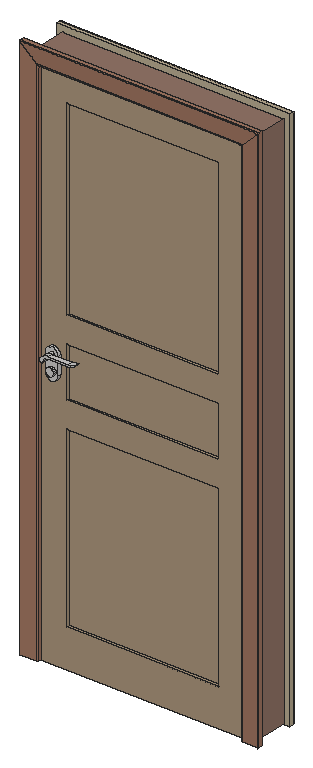
Revit family "Abrir - 1 Folha_Painel com caixilho", category Portas, Revit 2015
Parameters (values of type "80x210")
  Tipo de construção = "residêncial"
  Máscara da folha visível [instance] = no
  Moldura interna da porta [instance] = Teca
  Moldura externa da porta [instance] = Pinho de Óregon
  Moldura da porta = Tábua de fibra orientada
  Maçaneta da porta = Painel de metal
  Marco = Amendoeira
  Largura dos caixilhos = 10 cm
  Largura do caixilho inferior = 15 cm
  Largura bruta = Largura + (Espessura do Marco * 2)  # 87 cm
  Função = Interior
  Projeção da moldura externa = 2 cm
  Projeção da moldura interna = 2 cm
  Largura da moldura = 7 cm
  Folha da porta = Tábua de fibra orientada
  Espessura do Marco = 3.5 cm
  Espessura da folha interno = 1 cm
  Espessura = 3.5 cm
  Distância da maçaneta = 5 cm
  Autor = "Marco Rocha"
  Altura bruta = Altura + Espessura do Marco  # 213.5 cm
  Altura = 210 cm
  Fechamento da parede = Por hospedeiro
  Largura = 80 cm
Types (6, lengths in cm): name | Largura bruta | Espessura | Largura
  (no name) | 87 | 3.5 | 80
  60x210 | 67 | 3.5 | 60
  70x210 | 77 | 3.5 | 70
  80x210 | 87 | 3.5 | 80
  90x210 | 97 | 3.5 | 90
  100x210 | 107 | 4 | 100
Reference planes (cm)
  plane 1: y = 0
  plane 2 "Centro (Esquerda/Direita)": x = 0
  plane 3 "Esquerda": x = -40
  plane 4 "Direita": x = 40
  plane 5: z = 210
  plane 6 "Exterior": y = 7.5
  plane 7 "Interior": y = -7.5
  plane 8: x = -43.5
  plane 9: x = 43.5
  plane 10: z = 213.5
  plane 11: y = -4
  plane 12: x = 39
  plane 13: x = 36.5
  plane 14: y = -87.5
  plane 15: y = -82.5
  plane 16: y = -80
  plane 17: y = -82.5
Forms (cm)
  Extrusion 1, solid, material "Tábua de fibra orientada" <- "Moldura da porta", detail levels medium
    sketch origin (0, 7.5, 0) x (1, 0, 0) y (0, 0, 1)
      loop
        line (40, 210) -> (40, 0) -> (47, 0) -> (47, 217) -> (-47, 217) -> (-47, 0) -> (-40, 0) -> (-40, 210) -> (40, 210)
    from -2 to 0
  Extrusion 2, solid, material "Tábua de fibra orientada" <- "Moldura da porta", detail levels medium
    sketch origin (0, -7.5, 0) x (1, 0, 0) y (0, 0, -1)
      loop
        line (40, -210) -> (-40, -210) -> (-40, 0) -> (-47, 0) -> (-47, -217) -> (47, -217) -> (47, 0) -> (40, 0) -> (40, -210)
    from -2 to 0
  Sweep 3, solid, material "Amendoeira" <- "Marco", detail levels coarse+medium
    path in 3D
      loop
        line (43.5, 7.5, 0) -> (43.5, 7.5, 213.5) -> (-43.5, 7.5, 213.5) -> (-43.5, 7.5, 0)
    profile origin (43.5, 7.5, 106.75) x (0, 1, 0) y (-1, 0, 0)
      loop
        line (-15, 3.5) -> (-15, 0) -> (0, 0) -> (0, 3.5) -> (-15, 3.5)
  Sweep 4, solid, material "Amendoeira" <- "Marco", detail levels fine
    path in 3D
      loop
        line (43.5, 7.5, 0) -> (43.5, 7.5, 213.5) -> (-43.5, 7.5, 213.5) -> (-43.5, 7.5, 0)
    profile origin (43.5, 7.5, 106.75) x (0, 1, 0) y (-1, 0, 0)
      loop
        line (0, 0) -> (0, 4.5) -> (-11.5, 4.5) -> (-11.5, 3.5) -> (-15, 3.5) -> (-15, 0) -> (0, 0)
  Sweep 5, solid, material "Teca" <- "Moldura interna da porta", detail levels fine
    path in 3D
      loop
        line (40, -7.5, 0) -> (40, -7.5, 210) -> (-40, -7.5, 210) -> (-40, -7.5, 0)
    profile "Perfil Alisar : 7 x 2 cm" origin (-40, -7.5, 105) x (0, 1, 0) y (1, 0, 0)
      loop
        line (0, 0) -> (-1, 0)
        arc (-1, 0) -> (-1.3536, -0.1464) -> (-1.5, -0.5) r 0.5
        line (-1.5, -0.5) -> (-1.9793, -6.7308)
        arc (-1.9793, -6.7308) -> (-1.9135, -6.9199) -> (-1.73, -7) r 0.25
        line (-1.73, -7) -> (0, -7) -> (0, 0)
  Sweep 6, solid, material "Pinho de Óregon" <- "Moldura externa da porta", detail levels fine
    path in 3D
      loop
        line (39, 7.5, 0) -> (39, 7.5, 209) -> (-39, 7.5, 209) -> (-39, 7.5, 0)
    profile "Perfil Alisar : 7 x 2 cm" origin (39, 7.5, 104.5) x (0, 1, 0) y (-1, 0, 0)
      loop
        line (0, 0) -> (0, -7) -> (1.73, -7)
        arc (1.73, -7) -> (1.9135, -6.9199) -> (1.9793, -6.7308) r 0.25
        line (1.9793, -6.7308) -> (1.5, -0.5)
        arc (1.5, -0.5) -> (1.3536, -0.1464) -> (1, 0) r 0.5
        line (1, 0) -> (0, 0)
Lines and regions (cm)
  Opening 1
    outline origin (-305, -7.5, 0) x (1, 0, 0) y (0, 0, 1)
      loop
        line (348.5, 213.5) -> (261.5, 213.5) -> (261.5, 0) -> (348.5, 0) -> (348.5, 213.5)
  Masking region 1, visible <- "Máscara da folha visível"
    outline origin (0, 0, 0) x (1, 0, 0) y (0, 1, 0)
      loop
        line (36.5, -7.5) -> (36.5, -87.5) -> (40, -87.5) -> (40, -7.5) -> (36.5, -7.5)
  Masking region 2, visible <- "Máscara da folha visível", detail levels fine
    outline origin (-5, -2.5, 0) x (0, -1, 0) y (1, 0, 0)
      loop
        line (82.5, 45) -> (82.5, 46) -> (81.5, 46) -> (81.5, 47) -> (80.8, 47) -> (80.8, 51) -> (67, 51) -> (67, 49) -> (79.2, 49) -> (79.2, 47) -> (78.5, 47) -> (78.5, 46) -> (77.5, 46) -> (77.5, 45) -> (82.5, 45)
  Masking region 3, visible <- "Máscara da folha visível", not visible, detail levels fine
    outline origin (0, 0, 0) x (0, -1, 0) y (1, 0, 0)
      loop
        line (82.5, 45) -> (82.5, 46) -> (81.5, 46) -> (81.5, 47) -> (80.8, 47) -> (80.8, 51) -> (67, 51) -> (67, 49) -> (79.2, 49) -> (79.2, 47) -> (78.5, 47) -> (78.5, 46) -> (77.5, 46) -> (77.5, 45) -> (82.5, 45)
  Masking region 4, visible <- "Máscara da folha visível", detail levels fine
    outline origin (81.5, -2.5, 0) x (0, 1, 0) y (-1, 0, 0)
      loop
        line (-82.5, 45) -> (-77.5, 45) -> (-77.5, 46) -> (-78.5, 46) -> (-78.5, 47) -> (-79.2, 47) -> (-79.2, 49) -> (-67, 49) -> (-67, 51) -> (-80.8, 51) -> (-80.8, 47) -> (-81.5, 47) -> (-81.5, 46) -> (-82.5, 46) -> (-82.5, 45)
  Masking region 5, detail levels coarse
    outline origin (0, 0, 0) x (1, 0, 0) y (0, 1, 0)
      loop
        line (-43.5, 7.5) -> (-43.5, -7.5) -> (-40, -7.5) -> (-40, 7.5) -> (-43.5, 7.5)
      loop
        line (40, 7.5) -> (40, -7.5) -> (43.5, -7.5) -> (43.5, 7.5) -> (40, 7.5)
  Masking region 6, detail levels coarse
    outline origin (0, 0, 0) x (0, 1, 0) y (0, 0, 1)
      loop
        line (7.5, 213.5) -> (-7.5, 213.5) -> (-7.5, 210) -> (7.5, 210) -> (7.5, 213.5)
  Masking region 7, detail levels coarse
    outline origin (0, 0, 0) x (0, 1, 0) y (0, 0, 1)
      loop
        line (-4, 210) -> (-7.5, 210) -> (-7.5, 0) -> (-4, 0) -> (-4, 210)
  Masking region 8, detail levels medium
    outline origin (0, 0, 0) x (0, 1, 0) y (0, 0, 1)
      loop
        line (-4, 210) -> (-7.5, 210) -> (-7.5, 200) -> (-4, 200) -> (-4, 210)
      loop
        line (-4, 125) -> (-7.5, 125) -> (-7.5, 115) -> (-4, 115) -> (-4, 125)
      loop
        line (-4, 95) -> (-7.5, 95) -> (-7.5, 85) -> (-4, 85) -> (-4, 95)
      loop
        line (-4, 15) -> (-7.5, 15) -> (-7.5, 0) -> (-4, 0) -> (-4, 15)
  Masking region 9, detail levels medium
    outline origin (0, 0, 0) x (0, 1, 0) y (0, 0, 1)
      loop
        line (-5.25, 200) -> (-6.25, 200) -> (-6.25, 125) -> (-5.25, 125) -> (-5.25, 200)
      loop
        line (-5.25, 115) -> (-6.25, 115) -> (-6.25, 95) -> (-5.25, 95) -> (-5.25, 115)
      loop
        line (-5.25, 85) -> (-6.25, 85) -> (-6.25, 15) -> (-5.25, 15) -> (-5.25, 85)
  symbolic lines, style "Giro da elevação"
    curve 1: line (40, -7.5, 105) -> (-40, -7.5, 210)
    curve 2: line (40, -7.5, 105) -> (-40, -7.5, 0)
  symbolic lines, style "Doors"
    curve 3: line (36.5, -7.5, 0) -> (36.5, -87.5, 0)
    curve 4: line (40, -87.5, 0) -> (40, -7.5, 0)
    curve 5: line (36.5, -87.5, 0) -> (40, -87.5, 0)
    curve 6: line (40, -7.5, 0) -> (36.5, -7.5, 0)
  symbolic lines, style "Puxador", detail levels fine
    curve 7: line (40, -85, 0) -> (40, -80, 0)
    curve 8: line (40, -80, 0) -> (41, -80, 0)
    curve 9: line (41, -80, 0) -> (41, -85, 0)
    curve 10: line (41, -85, 0) -> (40, -85, 0)
    curve 11: line (41, -81, 0) -> (42, -81, 0)
    curve 12: line (42, -81, 0) -> (42, -84, 0)
    curve 13: line (42, -84, 0) -> (41, -84, 0)
    curve 14: line (42, -83.3, 0) -> (46, -83.3, 0)
    curve 15: line (46, -83.3, 0) -> (46, -69.5, 0)
    curve 16: line (46, -69.5, 0) -> (44, -69.5, 0)
    curve 17: line (44, -69.5, 0) -> (44, -81.7, 0)
    curve 18: line (44, -81.7, 0) -> (42, -81.7, 0)
    curve 31: line (36.5, -85, 0) -> (36.5, -80, 0)
    curve 32: line (36.5, -80, 0) -> (35.5, -80, 0)
    curve 33: line (35.5, -80, 0) -> (35.5, -85, 0)
    curve 34: line (35.5, -85, 0) -> (36.5, -85, 0)
    curve 35: line (35.5, -81, 0) -> (34.5, -81, 0)
    curve 36: line (34.5, -81, 0) -> (34.5, -84, 0)
    curve 37: line (34.5, -84, 0) -> (35.5, -84, 0)
    curve 38: line (34.5, -83.3, 0) -> (30.5, -83.3, 0)
    curve 39: line (30.5, -83.3, 0) -> (30.5, -69.5, 0)
    curve 40: line (30.5, -69.5, 0) -> (32.5, -69.5, 0)
    curve 41: line (32.5, -69.5, 0) -> (32.5, -81.7, 0)
    curve 42: line (32.5, -81.7, 0) -> (34.5, -81.7, 0)
  symbolic lines, style "Puxador", not visible, detail levels fine
    curve 19: line (45, -82.5, 0) -> (45, -77.5, 0)
    curve 20: line (45, -77.5, 0) -> (46, -77.5, 0)
    curve 21: line (46, -77.5, 0) -> (46, -82.5, 0)
    curve 22: line (46, -82.5, 0) -> (45, -82.5, 0)
    curve 23: line (46, -78.5, 0) -> (47, -78.5, 0)
    curve 24: line (47, -78.5, 0) -> (47, -81.5, 0)
    curve 25: line (47, -81.5, 0) -> (46, -81.5, 0)
    curve 26: line (47, -80.8, 0) -> (51, -80.8, 0)
    curve 27: line (51, -80.8, 0) -> (51, -67, 0)
    curve 28: line (51, -67, 0) -> (49, -67, 0)
    curve 29: line (49, -67, 0) -> (49, -79.2, 0)
    curve 30: line (49, -79.2, 0) -> (47, -79.2, 0)
  sketch lines
    curve 43: line (43.5, 7.5, 0) -> (43.5, 7.5, 213.5)
    curve 44: line (43.5, 7.5, 213.5) -> (-43.5, 7.5, 213.5)
    curve 45: line (-43.5, 7.5, 213.5) -> (-43.5, 7.5, 0)
    curve 47: line (43.5, 7.5, 0) -> (43.5, 7.5, 213.5)
    curve 48: line (43.5, 7.5, 213.5) -> (-43.5, 7.5, 213.5)
    curve 49: line (-43.5, 7.5, 213.5) -> (-43.5, 7.5, 0)
    curve 50: line (-40, -7.5, 210) -> (-40, -7.5, 0)
    curve 51: line (40, -7.5, 210) -> (-40, -7.5, 210)
    curve 52: line (40, -7.5, 0) -> (40, -7.5, 210)
    curve 53: line (39, 7.5, 0) -> (39, 7.5, 209)
    curve 54: line (39, 7.5, 209) -> (-39, 7.5, 209)
    curve 55: line (-39, 7.5, 209) -> (-39, 7.5, 0)
  symbolic lines, style "Giro da planta"
    curve 46: arc (40, -87.5, 0) -> (-16.5685, -64.0685, 0) -> (-40, -7.5, 0) r 80
  symbolic lines, style "DoorsPanelProjection", detail levels medium
    curve 56: line (0, -4, 200) -> (0, -4, 15)
    curve 57: line (0, -7.5, 200) -> (0, -7.5, 15)
Text (cm)
  text "Exterior" at (-229.5016, 109.9543, 0), in view "Nível de referência"
  text "Exterior" at (0, 161.538, 369.8081), in view "Esquerda"
  text "Exterior" at (0, 103.6032, 387.4932), in view "Direita"
Dimensions and locks (cm)
  equal spacing: plane 3 "Esquerda", plane 2 "Centro (Esquerda/Direita)", plane 4 "Direita"
  "Largura": plane 3 "Esquerda" to plane 4 "Direita"
  "Altura": plane 5 to host wall
  equal spacing: host wall, curve 2, plane 5
  host wall to plane 10 = 213.5 cm
  locked: plane 6 "Exterior" to host wall at 0
  locked: plane 7 "Interior" to host wall
  "Espessura do Marco": plane 8 to plane 3 "Esquerda"
  "Espessura do Marco": plane 4 "Direita" to plane 9
  "Espessura do Marco": plane 10 to plane 5
  "Espessura": plane 7 "Interior" to plane 11
  locked: plane 12 to plane 4 "Direita" at 1
  "Espessura": plane 13 to plane 4 "Direita"
  "Largura": plane 14 to plane 7 "Interior"
  "Largura da moldura": Extrusion 1 sketch curve to Extrusion 1 sketch curve  (x3)
  "Projeção da moldura externa": plane 6 "Exterior" to Extrusion 1
  "Largura da moldura": Extrusion 2 sketch curve to Extrusion 2 sketch curve  (x3)
  "Projeção da moldura interna": Extrusion 2 to plane 7 "Interior"
  "Distância da maçaneta": plane 3 "Esquerda" to nested 1
  "Distância da maçaneta": plane 15 to plane 14
  "Distância da maçaneta": plane 17 to plane 14
  aligned and locked: plane 5 to curve 1
  aligned and locked: plane 3 "Esquerda" to curve 2
  aligned and locked: plane 1 to host wall
  aligned and locked: plane 3 "Esquerda" to curve 1
  aligned and locked: curve 3 to plane 13
  aligned and locked: curve 4 to plane 4 "Direita"
  aligned and locked: curve 5 to plane 14
  aligned and locked: curve 6 to plane 7 "Interior"
  aligned and locked: Masking region 1 sketch curve to curve 6
  aligned and locked: Masking region 1 sketch curve to curve 3
  aligned and locked: Masking region 1 sketch curve to curve 5
  aligned and locked: Masking region 1 sketch curve to curve 4
  aligned and locked: plane 4 "Direita" to Extrusion 1 sketch curve
  aligned and locked: plane 5 to Extrusion 1 sketch curve
  aligned and locked: plane 3 "Esquerda" to Extrusion 1 sketch curve
  aligned and locked: Extrusion 1 sketch curve to level
  aligned and locked: level to Extrusion 1 sketch curve
  aligned and locked: Extrusion 1 to host wall
  aligned and locked: Extrusion 2 to plane 7 "Interior"
  aligned and locked: nested 1 to plane 7 "Interior"
  aligned and locked: curve 7 to plane 4 "Direita"
  aligned and locked: plane 13 to curve 31
  aligned and locked: plane 10 to Opening 1 sketch curve
  aligned and locked: Opening 1 sketch curve to plane 9
  aligned and locked: Extrusion 1 to Opening 1 sketch curve
  aligned and locked: plane 8 to Opening 1 sketch curve
  aligned and locked: Sweep 3 sketch curve to plane 4 "Direita"
  aligned and locked: Sweep 3 sketch curve to plane 9
  aligned and locked: Sweep 3 sketch curve to plane 6 "Exterior"
  aligned and locked: Sweep 3 sketch curve to plane 7 "Interior"
  aligned and locked: plane 3 "Esquerda" to curve 46
  aligned and locked: Sweep 4 sketch curve to plane 9
  aligned and locked: Sweep 4 sketch curve to plane 6 "Exterior"
  aligned and locked: Sweep 4 sketch curve to plane 12
  aligned and locked: Sweep 4 sketch curve to plane 11
  aligned and locked: plane 4 "Direita" to Sweep 4 sketch curve
  aligned and locked: plane 7 "Interior" to Sweep 4 sketch curve
  aligned and locked: plane 3 "Esquerda" to Masking region 5 sketch curve
  aligned and locked: Masking region 5 sketch curve to plane 8
  aligned and locked: plane 6 "Exterior" to Masking region 5 sketch curve  (x2)
  aligned and locked: Masking region 5 sketch curve to plane 7 "Interior"  (x2)
  aligned and locked: plane 9 to Masking region 5 sketch curve
  aligned and locked: Masking region 5 sketch curve to plane 4 "Direita"
  aligned and locked: Masking region 6 sketch curve to plane 10
  aligned and locked: Masking region 6 sketch curve to plane 7 "Interior"
  aligned and locked: plane 6 "Exterior" to Masking region 6 sketch curve
  aligned and locked: Masking region 6 sketch curve to plane 5
  aligned and locked: nested 2 to plane 4 "Direita"
  aligned and locked: plane 7 "Interior" to nested 2
  aligned and locked: plane 5 to Masking region 7 sketch curve
  aligned and locked: Masking region 7 sketch curve to plane 11
  aligned and locked: level to Masking region 7 sketch curve
  aligned and locked: Masking region 7 sketch curve to plane 7 "Interior"
  aligned and locked: Masking region 8 sketch curve to nested 2  (x13)
  aligned and locked: nested 2 to Masking region 8 sketch curve
  aligned and locked: plane 11 to Masking region 8 sketch curve
  aligned and locked: plane 7 "Interior" to Masking region 8 sketch curve
  aligned and locked: Masking region 9 sketch curve to nested 2  (x6)
  aligned and locked: nested 2 to Masking region 9 sketch curve  (x5)
  aligned and locked: nested 2 to curve 56  (x2)
  aligned and locked: curve 57 to nested 2  (x3)
  aligned and locked: plane 11 to curve 56
Automatic sketch dimensions
  Masking region 2 sketch curve to Masking region 2 sketch curve = 1 cm  (x6)
  Masking region 2 sketch curve to Masking region 2 sketch curve = 2 cm
  Masking region 2 sketch curve to Masking region 2 sketch curve = 0.7 cm  (x2)
  Masking region 2 sketch curve to Masking region 2 sketch curve = 1.6 cm
  Masking region 2 sketch curve to Masking region 2 sketch curve = 10.5 cm
  plane 15 to Masking region 2 sketch curve = 2.5 cm
  Masking region 2 sketch curve to Masking region 2 sketch curve = 3 cm
  Masking region 3 sketch curve to Masking region 3 sketch curve = 1 cm  (x6)
  Masking region 3 sketch curve to Masking region 3 sketch curve = 2 cm
  Masking region 3 sketch curve to Masking region 3 sketch curve = 0.7 cm  (x2)
  Masking region 3 sketch curve to Masking region 3 sketch curve = 1.6 cm
  Masking region 3 sketch curve to Masking region 3 sketch curve = 10.5 cm
  plane 16 to Masking region 3 sketch curve = 2.5 cm
  Masking region 3 sketch curve to Masking region 3 sketch curve = 3 cm
  Masking region 4 sketch curve to Masking region 4 sketch curve = 1 cm  (x6)
  Masking region 4 sketch curve to Masking region 4 sketch curve = 2 cm
  Masking region 4 sketch curve to Masking region 4 sketch curve = 0.7 cm  (x2)
  Masking region 4 sketch curve to Masking region 4 sketch curve = 1.6 cm
  Masking region 4 sketch curve to Masking region 4 sketch curve = 10.5 cm
  Masking region 4 sketch curve to plane 17 = 2.5 cm
  Masking region 4 sketch curve to Masking region 4 sketch curve = 3 cm
  curve 2 to level = 0 cm
  plane 4 "Direita" to curve 2 = 0 cm
  Extrusion 2 sketch curve to level = 0 cm  (x2)
  plane 3 "Esquerda" to Extrusion 2 sketch curve = 0 cm
  plane 4 "Direita" to Extrusion 2 sketch curve = 0 cm
  Extrusion 2 sketch curve to plane 5 = 0 cm
  level to Masking region 9 sketch curve = 15 cm
Nested families (cm)
  nested 1: "Maçaneta da porta 2" at (-35, -5.75, 110), type "Maçaneta da porta 2", detail levels fine
    with Espessura do painel 3.5 cm
  nested 2: "Folha com caixilho" at (40, -7.5, 0), type "Folha com caixilho"
    with Largura 80 cm, Espessura 3.5 cm
Definition of nested family "Maçaneta da porta 2"
  Parameters (values of type "Maçaneta da porta 2")
    Espessura do painel = 5 cm
    Material do puxador = none
    Function = (empty or 0)
  Reference planes (cm)
    plane 1 "Centro (Frente/Trás)": y = 0
    plane 2: z = 0
    plane 3 "Centro (Esquerda/Direita)": x = 0
    plane 4: y = 2.5
    plane 5: y = -2.5
    plane 6: z = -14.7114
    plane 7: y = 6.5
    plane 8: z = -6
    plane 9: y = -6.5
    plane 10: z = -6
  Forms (cm)
    Extrusion 1, solid, material <- "Material do puxador"
      sketch origin (0, -2.5, 0) x (-1, 0, 0) y (0, 0, -1)
        loop
          line (2.5, 0) -> (2.5, 7)
          arc (2.5, 7) -> (0, 9.5) -> (-2.5, 7) r 2.5
          line (-2.5, 7) -> (-2.5, 0)
          arc (-2.5, 0) -> (0, -2.5) -> (2.5, 0) r 2.5
      from 0 to 1
    Extrusion 2, solid, material <- "Material do puxador"
      sketch origin (0, 2.5, 0) x (-1, 0, 0) y (0, 0, -1)
        loop
          line (2.5, 0) -> (2.5, 7)
          arc (2.5, 7) -> (0, 9.5) -> (-2.5, 7) r 2.5
          line (-2.5, 7) -> (-2.5, 0)
          arc (-2.5, 0) -> (0, -2.5) -> (2.5, 0) r 2.5
      from 0 to -1
    Extrusion 3, solid, material <- "Material do puxador"
      sketch origin (0, -2.5, 0) x (-1, 0, 0) y (0, 0, -1)
        loop
          circle (0, 0) r 0.8
      from 1 to 4
    Extrusion 4, solid, material <- "Material do puxador"
      sketch origin (0, 2, 0) x (-1, 0, 0) y (0, 0, 1)
        loop
          circle (0, 0) r 0.8
      from 1.5 to 4.5
    Extrusion 5, solid, material <- "Material do puxador"
      sketch origin (0, -6.5, 0) x (1, 0, 0) y (0, 0, 1)
        loop
          arc (-0.6508, 0.4652) -> (-0.2443, -0.7618) -> (0.8, 0) r 0.8
          arc (0.8, 0) -> (1.4532, 0.9391) -> (2.5386, 1.3) r 1.8126
          line (2.5386, 1.3) -> (10.1644, 1.3)
          arc (10.1644, 1.3) -> (11.641, 1.5798) -> (13, 2.2214) r 5.9379
          line (13, 2.2214) -> (13, 2.5)
          arc (13, 2.5) -> (11.604, 2.1265) -> (10.1644, 2) r 8.3285
          line (10.1644, 2) -> (2.5367, 2)
          arc (2.5367, 2) -> (0.7493, 1.6348) -> (-0.6508, 0.4652) r 3.7283
      from 0 to 2
    Extrusion 6, solid, material <- "Material do puxador"
      sketch origin (0, 6.5, 0) x (1, 0, 0) y (0, 0, -1)
        loop
          arc (0.8, 0) -> (-0.2443, 0.7618) -> (-0.6508, -0.4652) r 0.8
          arc (-0.6508, -0.4652) -> (0.7493, -1.6348) -> (2.5367, -2) r 3.7283
          line (2.5367, -2) -> (10.1644, -2)
          arc (10.1644, -2) -> (11.604, -2.1265) -> (13, -2.5) r 8.3285
          line (13, -2.5) -> (13, -2.2214)
          arc (13, -2.2214) -> (11.641, -1.5798) -> (10.1644, -1.3) r 5.9379
          line (10.1644, -1.3) -> (2.5386, -1.3)
          arc (2.5386, -1.3) -> (1.4532, -0.9391) -> (0.8, 0) r 1.8126
      from 0 to 2
    Extrusion 7, solid, material <- "Material do puxador"
      sketch origin (0, -3.5, 1) x (-1, 0, 0) y (0, 0, -1)
        loop
          circle (0, 7) r 1.5
      from 0 to 1
    Extrusion 8, solid, material <- "Material do puxador"
      sketch origin (0, 3.5, 0) x (-1, 0, 0) y (0, 0, 1)
        loop
          circle (0, -6) r 1.5
      from 0 to 1
  Dimensions and locks (cm)
    equal spacing: plane 5, plane 1 "Centro (Frente/Trás)", plane 4
    "Espessura do painel": plane 5 to plane 4
    locked: plane 4 to plane 7 at 4
    locked: plane 9 to plane 5 at 4
    locked: Extrusion 6 to plane 7 at 2
    locked: plane 9 to Extrusion 5 at 2
    locked: plane 2 to plane 10 at 6
    aligned and locked: Extrusion 3 to Extrusion 1
    aligned and locked: Extrusion 4 to Extrusion 2
    aligned and locked: plane 7 to Extrusion 6
    aligned and locked: Extrusion 4 to plane 7
    aligned and locked: plane 9 to Extrusion 5
  Automatic sketch dimensions
    Extrusion 3 sketch curve to level = 0 cm
    Extrusion 3 sketch curve to plane 3 "Centro (Esquerda/Direita)" = 0 cm
    Extrusion 4 sketch curve to level = 0 cm
    Extrusion 4 sketch curve to plane 3 "Centro (Esquerda/Direita)" = 0 cm
    Extrusion 5 sketch curve to level = 0 cm  (x2)
    Extrusion 5 sketch curve to plane 3 "Centro (Esquerda/Direita)" = 0 cm
    Extrusion 5 sketch curve to plane 3 "Centro (Esquerda/Direita)" = 0.6508 cm
    plane 3 "Centro (Esquerda/Direita)" to Extrusion 5 sketch curve = 0.8 cm
    Extrusion 5 sketch curve to level = 1.7244 cm
    Extrusion 5 sketch curve to Extrusion 5 sketch curve = 1.5668 cm
    level to Extrusion 5 sketch curve = 2 cm
    Extrusion 5 sketch curve to Extrusion 5 sketch curve = 0.0019 cm
    Extrusion 5 sketch curve to Extrusion 5 sketch curve = 2.8356 cm
    Extrusion 5 sketch curve to Extrusion 5 sketch curve = 0 cm
    Extrusion 5 sketch curve to level = 0.5126 cm
    level to Extrusion 5 sketch curve = 2.2214 cm
    Extrusion 5 sketch curve to Extrusion 5 sketch curve = 0.2786 cm
    Extrusion 5 sketch curve to Extrusion 5 sketch curve = 7.2693 cm
    Extrusion 5 sketch curve to Extrusion 5 sketch curve = 0.3517 cm
    Extrusion 5 sketch curve to Extrusion 5 sketch curve = 0.3583 cm
    Extrusion 6 sketch curve to level = 0 cm
    Extrusion 6 sketch curve to plane 3 "Centro (Esquerda/Direita)" = 0 cm
    level to Extrusion 6 sketch curve = 0.4652 cm
    Extrusion 6 sketch curve to plane 3 "Centro (Esquerda/Direita)" = 0.6508 cm
    Extrusion 6 sketch curve to level = 1.7244 cm
    Extrusion 6 sketch curve to Extrusion 6 sketch curve = 1.5668 cm
    Extrusion 6 sketch curve to Extrusion 6 sketch curve = 0.0019 cm
    Extrusion 6 sketch curve to level = 0.5126 cm
    Extrusion 6 sketch curve to Extrusion 6 sketch curve = 0.1719 cm
    Extrusion 6 sketch curve to Extrusion 6 sketch curve = 7.2693 cm
    Extrusion 6 sketch curve to Extrusion 6 sketch curve = 0.3517 cm
    Extrusion 6 sketch curve to Extrusion 6 sketch curve = 0.3583 cm
    Extrusion 6 sketch curve to Extrusion 6 sketch curve = 0 cm
    level to Extrusion 6 sketch curve = 2.2214 cm
    Extrusion 6 sketch curve to Extrusion 6 sketch curve = 2.8356 cm
    Extrusion 6 sketch curve to Extrusion 6 sketch curve = 0.2786 cm
    Extrusion 1 sketch curve to plane 3 "Centro (Esquerda/Direita)" = 0 cm
    Extrusion 1 sketch curve to level = 0 cm
    Extrusion 1 sketch curve to plane 3 "Centro (Esquerda/Direita)" = 2.5 cm
    level to Extrusion 1 sketch curve = 7 cm
    Extrusion 2 sketch curve to level = 0 cm
    Extrusion 2 sketch curve to plane 3 "Centro (Esquerda/Direita)" = 0 cm
    Extrusion 2 sketch curve to plane 3 "Centro (Esquerda/Direita)" = 2.5 cm
    level to Extrusion 2 sketch curve = 7 cm
    Extrusion 7 sketch curve to plane 3 "Centro (Esquerda/Direita)" = 0 cm
    level to Extrusion 7 sketch curve = 6 cm
    Extrusion 8 sketch curve to plane 3 "Centro (Esquerda/Direita)" = 0 cm
    Extrusion 8 sketch curve to plane 8 = 0 cm
    radius of Extrusion 3 sketch curve = 0.8 cm
    radius of Extrusion 4 sketch curve = 0.8 cm
    radius of Extrusion 7 sketch curve = 1.5 cm
    radius of Extrusion 8 sketch curve = 1.5 cm
Definition of nested family "Folha com caixilho"
  Parameters (values of type "Folha com caixilho")
    Painel interno = none
    Painel externo = none
    Width = 100 cm
    Espessura da folha interna = 1 cm
    Thickness = 3 cm
    D2 = 15 cm
    D1 = 10 cm
    Height = 210 cm
  Reference planes (cm)
    plane 1 "Centro (Frente/Trás)": y = 0
    plane 2: z = 0
    plane 3 "Centro (Esquerda/Direita)": x = 0
    plane 4: y = 3
    plane 5: x = -100
    plane 6: y = 1.5
    plane 7: y = 1
    plane 8: y = 2
    plane 9: z = 210
    plane 10: x = -90
    plane 11: z = 200
    plane 12: x = -10
    plane 13: z = 15
    plane 14: z = 95
    plane 15: z = 115
    plane 16: z = 125
    plane 17: z = 85
  Forms (cm)
    Extrusion 1, solid, material <- "Painel interno"
      sketch origin (0, 0, 0) x (1, 0, 0) y (0, 0, 1)
        loop
          line (-90, 200) -> (-90, 125) -> (-10, 125) -> (-10, 200) -> (-90, 200)
        loop
          line (-90, 115) -> (-90, 95) -> (-10, 95) -> (-10, 115) -> (-90, 115)
        loop
          line (-90, 85) -> (-90, 15) -> (-10, 15) -> (-10, 85) -> (-90, 85)
      from -2 to -1
    Extrusion 2, solid, material <- "Painel externo"
      sketch origin (0, 0, 0) x (1, 0, 0) y (0, 0, 1)
        loop
          line (-100, 210) -> (-100, 0) -> (0, 0) -> (0, 210) -> (-100, 210)
        loop
          line (-90, 200) -> (-90, 125) -> (-10, 125) -> (-10, 200) -> (-90, 200)
        loop
          line (-90, 115) -> (-90, 95) -> (-10, 95) -> (-10, 115) -> (-90, 115)
        loop
          line (-90, 85) -> (-90, 15) -> (-10, 15) -> (-10, 85) -> (-90, 85)
      from -3 to 0
  Dimensions and locks (cm)
    "Thickness": plane 1 "Centro (Frente/Trás)" to plane 4
    "Width": plane 5 to plane 3 "Centro (Esquerda/Direita)"
    equal spacing: plane 1 "Centro (Frente/Trás)", plane 6, plane 4
    equal spacing: plane 8, plane 6, plane 7
    "Espessura da folha interna": plane 8 to plane 7
    "Height": plane 9 to level
    "D1": plane 9 to plane 11
    locked: plane 15 to plane 14 at 20
    "D2": plane 13 to plane 2
    "D1": plane 10 to plane 5
    "D1": plane 3 "Centro (Esquerda/Direita)" to plane 12
    locked: plane 15 to level at 115
    "D1": plane 16 to plane 15
    "D1": plane 14 to plane 17
    aligned and locked: level to plane 2
    aligned and locked: Extrusion 1 sketch curve to plane 11
    aligned and locked: plane 10 to Extrusion 1 sketch curve  (x2)
    aligned and locked: Extrusion 1 sketch curve to plane 12  (x3)
    aligned and locked: plane 8 to Extrusion 1
    aligned and locked: Extrusion 1 to plane 7
    aligned and locked: Extrusion 2 sketch curve to plane 9
    aligned and locked: plane 5 to Extrusion 2 sketch curve
    aligned and locked: plane 2 to Extrusion 2 sketch curve
    aligned and locked: Extrusion 2 sketch curve to plane 3 "Centro (Esquerda/Direita)"
    aligned and locked: Extrusion 2 sketch curve to plane 11
    aligned and locked: plane 10 to Extrusion 2 sketch curve  (x3)
    aligned and locked: plane 16 to Extrusion 2 sketch curve
    aligned and locked: Extrusion 2 sketch curve to plane 12  (x3)
    aligned and locked: Extrusion 2 sketch curve to plane 15
    aligned and locked: plane 14 to Extrusion 2 sketch curve
    aligned and locked: Extrusion 2 sketch curve to plane 17
    aligned and locked: plane 13 to Extrusion 2 sketch curve
    aligned and locked: plane 4 to Extrusion 2
    aligned and locked: plane 1 "Centro (Frente/Trás)" to Extrusion 2
    aligned and locked: Extrusion 1 sketch curve to plane 16
    aligned and locked: Extrusion 1 sketch curve to plane 15
    aligned and locked: Extrusion 1 sketch curve to plane 14
    aligned and locked: Extrusion 1 sketch curve to plane 10
    aligned and locked: Extrusion 1 sketch curve to plane 17
    aligned and locked: plane 13 to Extrusion 1 sketch curve
